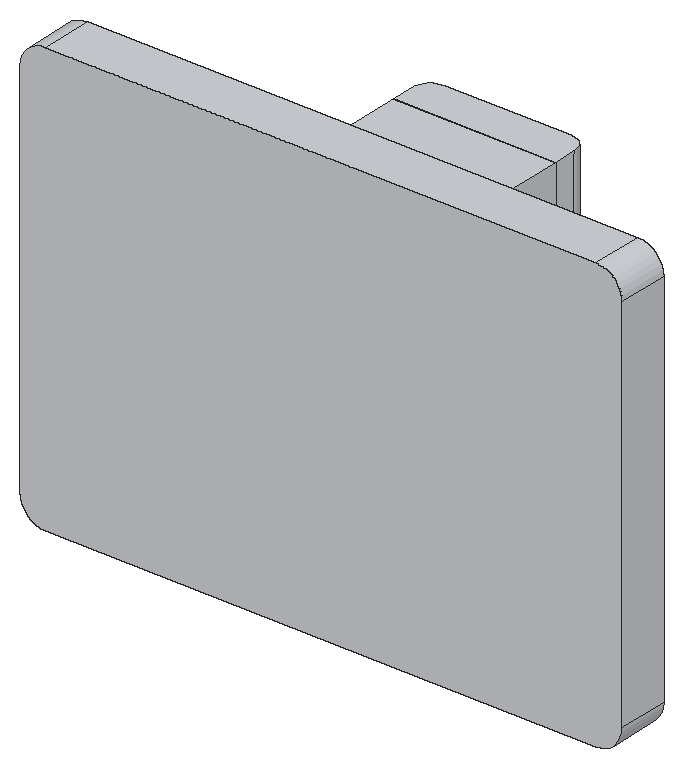
Revit family "Domotics-SerieCivili-GEWISS-27COMBI_SYSTEM-IP44_PRESE_IEC309", category Modelli generici, host Muro, Revit 2016
Family settings
  Host = Muro
  Tipo di parte = Normale
  Può ospitare armatura = No
  Quota connettore circolare = Usa diametro
  Sempre verticale = Sì
  Taglio con vuoti quando caricato = No
  Condiviso = No
  Punto di calcolo locali = No
Parameters (values of type "GW26421 - Presa IEC309 3P+T 16A 380V IP44 incasso")
  leva = none
  Versione file RFA = "18.0"
  URL = "https://www.gewiss.com/it/it"
  Termopressione con biglia = "70 °C"
  Tensione nominale = "400 V ac"
  Temperatura di installazione = "-25 +60 °C"
  Scheda Tecnica = "https://www.gewiss.com/it/it/search?q=GW26421"
  Riferimento h = "6"
  Profondità = 45 mm  # constant formula
  Produttore = "GEWISS S.p.A."
  Numero poli = "3P+T"
  Norma di riferimento = "IEC 309"
  Modello = "GW26421"
  Larghezza = 116 mm  # constant formula
  Immagine tipo = GW26421.jpg
  IFC.TypeObject = ""
  IFC.ExportType = ""
  IFC.ExportAs = ""
  IDT = "f00df10a-2b06-41cb-b6d5-a9cceb99cd24"
  IDF = "aa8affc8-fe2d-4bcd-bf8c-913abe223fa2"
  Grado di protezione = "IP44"
  Glow Wire Test = "650°C"
  Finitura = none
  Dim. esterne BxHxP (mm) = "116x90x45"
  Descrizione = "PRESA IEC309 3P+T 16A 380V IP44 INCASSO"
  Creato da GEWISS S.p.A. = ""
  Corrente nominale (In) = "16"
  Colore = "Grigio RAL 7035"
  Codice Electrocod = "2210                "
  Codice EAN = "8011564025431"
  Classe isolamento = "II"
  Catalogo Serie = "27COMBI"
  Catalogo = "DOMOTICS"
  COBie.Tagnumber = ""
  COBie.CreatedOn = ""
  COBie.CreatebBy = ""
  COBie.ComponentRegisterItemID = ""
  COBie.Component.TagNumber = ""
  COBie.Component.Space = ""
  COBie.Component.SerialNumber = ""
  COBie.Component.InstallationDate = ""
  COBie.Component.Description = ""
  COBie.Component.BarCode = ""
  Altezza = 83.5 mm  # constant formula
Types (2, lengths in mm): name | Tensione nominale | Scheda Tecnica | Numero poli | Modello | Immagine tipo | IDT | Descrizione | Codice EAN
  GW26420 - Presa IEC309 2P+T 16A 220V IP44 incasso | "230 V ac" | "https://www.gewiss.com/it/it/search?q=GW26420" | "2P+T" | "GW26420" | GW26420.jpg | "0288dd46-576d-47a2-b780-b324baf76976" | "PRESA IEC309 2P+T 16A 220V IP44 INCASSO" | "8011564025448"
  GW26421 - Presa IEC309 3P+T 16A 380V IP44 incasso | "400 V ac" | "https://www.gewiss.com/it/it/search?q=GW26421" | "3P+T" | "GW26421" | GW26421.jpg | "f00df10a-2b06-41cb-b6d5-a9cceb99cd24" | "PRESA IEC309 3P+T 16A 380V IP44 INCASSO" | "8011564025431"
Reference planes
  plane 1 "Muro": y = 0
  plane 2 "Centro (Sinistra/Destra)": x = 125
  plane 3 "Indietro": y = 75
  plane 4: x = 183
  plane 5: x = 67
  plane 6: y = 85
  plane 7: z = 853.804
  plane 8: z = 770.304
  plane 9: y = 112
  plane 10: y = 120
  plane 11: z = 841.804
  plane 12: z = 782.304
Forms (mm)
  Extrusion 1, solid, material <- "Finitura"
    sketch origin (0, 0, 0) x (1, 0, 0) y (0, 0, 1)
      loop
        line (178, 853.804) -> (72, 853.804)
        arc (72, 853.804) -> (68.464, 852.34) -> (67, 848.804) r 5
        line (67, 848.804) -> (67, 775.304)
        arc (67, 775.304) -> (68.464, 771.769) -> (72, 770.304) r 5
        line (72, 770.304) -> (178, 770.304)
        arc (178, 770.304) -> (181.536, 771.769) -> (183, 775.304) r 5
        line (183, 775.304) -> (183, 848.804)
        arc (183, 848.804) -> (181.536, 852.34) -> (178, 853.804) r 5
    from -85 to -75
  Extrusion 2, solid, material <- "leva"
    sketch origin (0.974, 0, 0) x (1, 0, 0) y (0, 0, 1)
      loop
        line (139.676, 841.804) -> (108.377, 841.804) -> (108.377, 827.31)
        arc (108.377, 827.31) -> (101.369, 810.572) -> (108.375, 793.833) r 23.495
        arc (108.375, 793.833) -> (111.752, 785.681) -> (119.904, 782.304) r 11.529
        line (119.904, 782.304) -> (128.174, 782.304)
        arc (128.174, 782.304) -> (136.307, 785.673) -> (139.676, 793.806) r 11.502
        arc (139.676, 793.806) -> (146.691, 810.557) -> (139.676, 827.308) r 23.507
        line (139.676, 827.308) -> (139.676, 841.804)
    from -112 to -85
  Extrusion 3, solid, material <- "leva"
    sketch origin (0.974, -75, 0) x (1, 0, 0) y (0, 0, 1)
      loop
        line (139.675, 841.804) -> (108.373, 841.804) -> (108.373, 793.836)
        arc (108.373, 793.836) -> (111.751, 785.682) -> (119.905, 782.304) r 11.532
        line (119.905, 782.304) -> (128.175, 782.304)
        arc (128.175, 782.304) -> (136.306, 785.672) -> (139.675, 793.804) r 11.5
        line (139.675, 793.804) -> (139.675, 841.804)
    from -195 to -187
  Extrusion 4, void
    sketch origin (4.347, 0, 0) x (1, 0, 0) y (0, 1, 0)
      loop
        line (108.559, 120) -> (132.743, 120)
        arc (132.743, 120) -> (135.259, 118.958) -> (136.302, 116.441) r 3.559
        line (136.302, 116.441) -> (141.302, 116.441) -> (141.302, 128.994) -> (100, 128.994) -> (100, 116.441) -> (105, 116.441)
        arc (105, 116.441) -> (106.042, 118.958) -> (108.559, 120) r 3.559
    from 782.304 to 841.804
Cuts and joins
  Extrusion 4 cuts Extrusion 3
Text (mm)
  text "Lato posizionamento" at (-1848.837, 1116.779, 0), in view "Livello rif."
  text "Lato posizionamento" at (0, 1409.804, 2854.306), in view "Sinistra"
  text "Lato posizionamento" at (0, 499.811, 2980.732), in view "Destra"
Dimensions and locks
  locked: plane 3 "Indietro" to host wall
  locked: plane 6 to plane 3 "Indietro" at 10
  "Altezza": plane 8 to plane 7
  "Larghezza": plane 5 to plane 4
  equal spacing: plane 5, plane 2 "Centro (Sinistra/Destra)", plane 4
  locked: plane 9 to plane 6 at 27
  "Profondità": plane 10 to plane 3 "Indietro"
  locked: plane 11 to plane 7 at 12
  locked: plane 8 to plane 12 at 12
  aligned and locked: plane 1 "Muro" to host wall
  aligned and locked: plane 3 "Indietro" to Extrusion 1
  aligned and locked: plane 6 to Extrusion 1
  aligned and locked: Extrusion 1 sketch curve to plane 4
  aligned and locked: plane 5 to Extrusion 1 sketch curve
  aligned and locked: Extrusion 2 to plane 6
  aligned and locked: plane 9 to Extrusion 2
  aligned and locked: Extrusion 3 to plane 9
  aligned and locked: plane 10 to Extrusion 3
  aligned and locked: Extrusion 4 to Extrusion 3  (x2)
  aligned and locked: Extrusion 4 to Extrusion 2  (x2)
  aligned and locked: Extrusion 3 to Extrusion 2  (x2)
  aligned and locked: plane 11 to Extrusion 2
  aligned and locked: Extrusion 3 to plane 12
Automatic sketch dimensions
  Extrusion 1 sketch curve to plane 8 = 0 mm
  Extrusion 1 sketch curve to plane 7 = 0 mm
  Extrusion 1 sketch curve to plane 5 = 5 mm  (x2)
  plane 4 to Extrusion 1 sketch curve = 5 mm
  Extrusion 1 sketch curve to Extrusion 1 sketch curve = 5 mm
  Extrusion 3 sketch curve to plane 2 "Centro (Sinistra/Destra)" = 15.653 mm
  Extrusion 3 sketch curve to plane 2 "Centro (Sinistra/Destra)" = 4.121 mm
  plane 2 "Centro (Sinistra/Destra)" to Extrusion 3 sketch curve = 4.148 mm
  plane 2 "Centro (Sinistra/Destra)" to Extrusion 3 sketch curve = 15.648 mm
  plane 8 to Extrusion 3 sketch curve = 12 mm
  Extrusion 3 sketch curve to plane 7 = 12 mm
  Extrusion 2 sketch curve to plane 2 "Centro (Sinistra/Destra)" = 4.123 mm
  Extrusion 2 sketch curve to plane 2 "Centro (Sinistra/Destra)" = 0.843 mm
  plane 2 "Centro (Sinistra/Destra)" to Extrusion 2 sketch curve = 4.148 mm
  plane 2 "Centro (Sinistra/Destra)" to Extrusion 2 sketch curve = 0.838 mm
  plane 2 "Centro (Sinistra/Destra)" to Extrusion 2 sketch curve = 15.649 mm
  plane 8 to Extrusion 2 sketch curve = 12 mm
  Extrusion 2 sketch curve to Extrusion 2 sketch curve = 11.502 mm
  Extrusion 2 sketch curve to Extrusion 2 sketch curve = 0.027 mm
  Extrusion 2 sketch curve to Extrusion 2 sketch curve = 16.724 mm
  Extrusion 2 sketch curve to Extrusion 2 sketch curve = 0.013 mm
  Extrusion 2 sketch curve to Extrusion 2 sketch curve = 16.753 mm
  Extrusion 2 sketch curve to plane 7 = 12 mm
  plane 10 to Extrusion 4 sketch curve = 0 mm
  plane 10 to Extrusion 4 sketch curve = 8.994 mm
  Extrusion 4 sketch curve to plane 2 "Centro (Sinistra/Destra)" = 20.653 mm
  Extrusion 4 sketch curve to Extrusion 4 sketch curve = 5 mm
  Extrusion 4 sketch curve to Extrusion 4 sketch curve = 3.559 mm  (x2)
  plane 2 "Centro (Sinistra/Destra)" to Extrusion 4 sketch curve = 12.09 mm
  Extrusion 4 sketch curve to Extrusion 4 sketch curve = 8.559 mm
